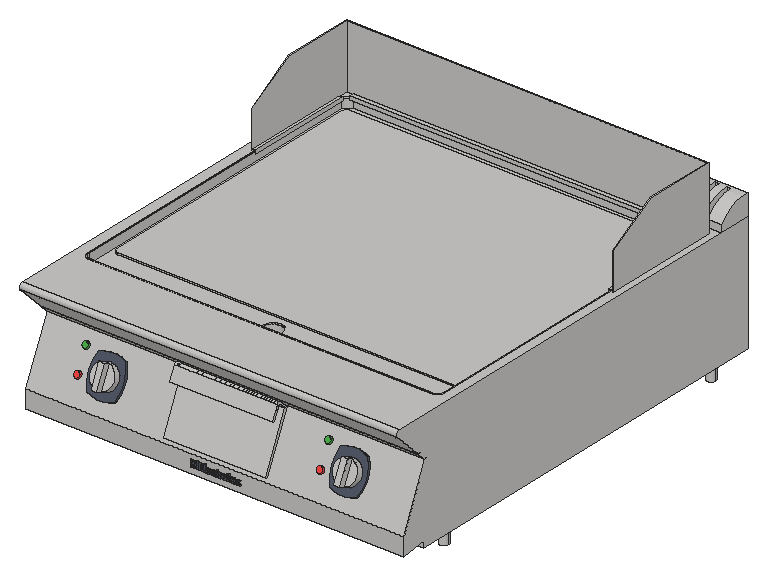
Revit family "QF_ELECTROLUXPROFESSIONAL_391399_E9IINIAOMEA", category Specialty Equipment, Revit 2018 (continued)
Automatic sketch dimensions
  Extrusion 31 sketch curve to Extrusion 31 sketch curve = 2.186 mm
  Extrusion 31 sketch curve to Extrusion 31 sketch curve = 0.337 mm
  Extrusion 31 sketch curve to Extrusion 31 sketch curve = 0.021 mm
  Extrusion 31 sketch curve to Extrusion 31 sketch curve = 1.005 mm
  Extrusion 31 sketch curve to Extrusion 31 sketch curve = 0.552 mm
  Extrusion 31 sketch curve to Extrusion 31 sketch curve = 0.778 mm
  Extrusion 31 sketch curve to Extrusion 31 sketch curve = 0.063 mm
  Extrusion 31 sketch curve to Extrusion 31 sketch curve = 1.023 mm
  Extrusion 31 sketch curve to Extrusion 31 sketch curve = 3.804 mm
  Extrusion 31 sketch curve to Extrusion 31 sketch curve = 0.486 mm
  Extrusion 31 sketch curve to Extrusion 31 sketch curve = 0.266 mm  (x2)
  plane 7 "Center Y" to Extrusion 31 sketch curve = 0.215 mm
  Extrusion 31 sketch curve to Extrusion 31 sketch curve = 1.547 mm
  Extrusion 31 sketch curve to Extrusion 31 sketch curve = 0.717 mm  (x2)
  Extrusion 31 sketch curve to Extrusion 31 sketch curve = 1.667 mm
  Extrusion 31 sketch curve to Extrusion 31 sketch curve = 3.174 mm
  Extrusion 31 sketch curve to Extrusion 31 sketch curve = 0.388 mm
  Extrusion 31 sketch curve to Extrusion 31 sketch curve = 1.342 mm
  Extrusion 31 sketch curve to Extrusion 31 sketch curve = 1.521 mm
  Extrusion 31 sketch curve to Extrusion 31 sketch curve = 0.124 mm
  Extrusion 31 sketch curve to Extrusion 31 sketch curve = 0.291 mm
  plane 7 "Center Y" to Extrusion 31 sketch curve = 8.287 mm
  Extrusion 31 sketch curve to Extrusion 31 sketch curve = 1.049 mm  (x2)
  Extrusion 31 sketch curve to Extrusion 31 sketch curve = 1.7 mm
  Extrusion 31 sketch curve to Extrusion 31 sketch curve = 0.894 mm
  Extrusion 31 sketch curve to plane 7 "Center Y" = 1.448 mm
  Extrusion 31 sketch curve to Extrusion 31 sketch curve = 0.989 mm
  Extrusion 31 sketch curve to Extrusion 31 sketch curve = 1.168 mm
  Extrusion 31 sketch curve to Extrusion 31 sketch curve = 1.594 mm
  Extrusion 31 sketch curve to Extrusion 31 sketch curve = 0.731 mm
  Extrusion 31 sketch curve to Extrusion 31 sketch curve = 1.566 mm
  Extrusion 31 sketch curve to Extrusion 31 sketch curve = 0.064 mm
  plane 7 "Center Y" to Extrusion 31 sketch curve = 8.843 mm
  Extrusion 31 sketch curve to Extrusion 31 sketch curve = 0.556 mm  (x2)
  Extrusion 31 sketch curve to Extrusion 31 sketch curve = 0.48 mm
  Extrusion 31 sketch curve to Extrusion 31 sketch curve = 1.018 mm
  Extrusion 31 sketch curve to Extrusion 31 sketch curve = 0.787 mm
  Extrusion 31 sketch curve to Extrusion 31 sketch curve = 0.618 mm
  Extrusion 31 sketch curve to Extrusion 31 sketch curve = 1.672 mm
  Extrusion 31 sketch curve to Extrusion 31 sketch curve = 1.361 mm
  Extrusion 31 sketch curve to Extrusion 31 sketch curve = 0.822 mm
  Extrusion 31 sketch curve to Extrusion 31 sketch curve = 0.069 mm
  Extrusion 31 sketch curve to Extrusion 31 sketch curve = 1.88 mm
  Extrusion 31 sketch curve to Extrusion 31 sketch curve = 0.42 mm
  Extrusion 31 sketch curve to Extrusion 31 sketch curve = 0.062 mm
  Extrusion 31 sketch curve to Extrusion 31 sketch curve = 1.355 mm
  Extrusion 31 sketch curve to Extrusion 31 sketch curve = 2.34 mm
  Extrusion 31 sketch curve to Extrusion 31 sketch curve = 0.493 mm
  Extrusion 31 sketch curve to Extrusion 31 sketch curve = 0.136 mm
  Extrusion 31 sketch curve to Extrusion 31 sketch curve = 0.128 mm
  Extrusion 31 sketch curve to Extrusion 31 sketch curve = 3.616 mm
  Extrusion 31 sketch curve to Extrusion 31 sketch curve = 4.207 mm
  Extrusion 31 sketch curve to Extrusion 31 sketch curve = 0.183 mm
  Extrusion 31 sketch curve to Extrusion 31 sketch curve = 0.895 mm
  Extrusion 31 sketch curve to Extrusion 31 sketch curve = 1.314 mm
  Extrusion 31 sketch curve to Extrusion 31 sketch curve = 3.231 mm
  Extrusion 31 sketch curve to Extrusion 31 sketch curve = 1.299 mm
  Extrusion 31 sketch curve to Extrusion 31 sketch curve = 1.214 mm
  Extrusion 31 sketch curve to Extrusion 31 sketch curve = 1.264 mm
  Extrusion 31 sketch curve to Extrusion 31 sketch curve = 0.109 mm
  Extrusion 31 sketch curve to Extrusion 31 sketch curve = 0.357 mm
  Extrusion 31 sketch curve to Extrusion 31 sketch curve = 0.565 mm
  Extrusion 31 sketch curve to Extrusion 31 sketch curve = 2.504 mm
  Extrusion 31 sketch curve to Extrusion 31 sketch curve = 2.459 mm
  Extrusion 31 sketch curve to Extrusion 31 sketch curve = 1.322 mm
  Extrusion 31 sketch curve to Extrusion 31 sketch curve = 2.77 mm
  Extrusion 31 sketch curve to Extrusion 31 sketch curve = 2.51 mm
  Extrusion 31 sketch curve to Extrusion 31 sketch curve = 0.187 mm
  Extrusion 31 sketch curve to Extrusion 31 sketch curve = 2.559 mm
  Extrusion 31 sketch curve to Extrusion 31 sketch curve = 1.556 mm
  Extrusion 31 sketch curve to Extrusion 31 sketch curve = 0.222 mm
  Extrusion 31 sketch curve to Extrusion 31 sketch curve = 1.383 mm
  Extrusion 31 sketch curve to Extrusion 31 sketch curve = 3.114 mm
  Extrusion 31 sketch curve to Extrusion 31 sketch curve = 3.376 mm
  Extrusion 31 sketch curve to Extrusion 31 sketch curve = 0.934 mm
  Extrusion 31 sketch curve to Extrusion 31 sketch curve = 0.191 mm
  Extrusion 31 sketch curve to Extrusion 31 sketch curve = 3.696 mm
  Extrusion 31 sketch curve to Extrusion 31 sketch curve = 2.708 mm
  Extrusion 31 sketch curve to Extrusion 31 sketch curve = 3.333 mm
  Extrusion 31 sketch curve to Extrusion 31 sketch curve = 0.332 mm
  Extrusion 31 sketch curve to Extrusion 31 sketch curve = 1.087 mm
  Extrusion 31 sketch curve to Extrusion 31 sketch curve = 2.23 mm
  Extrusion 31 sketch curve to Extrusion 31 sketch curve = 2.757 mm
  Extrusion 31 sketch curve to Extrusion 31 sketch curve = 0.987 mm
  Extrusion 31 sketch curve to Extrusion 31 sketch curve = 1.529 mm
  Extrusion 31 sketch curve to Extrusion 31 sketch curve = 1.796 mm
  Extrusion 31 sketch curve to Extrusion 31 sketch curve = 2.859 mm
  Extrusion 31 sketch curve to Extrusion 31 sketch curve = 0.853 mm
  Extrusion 31 sketch curve to Extrusion 31 sketch curve = 1.241 mm
  Extrusion 31 sketch curve to Extrusion 31 sketch curve = 2.046 mm  (x2)
  Extrusion 31 sketch curve to Extrusion 31 sketch curve = 2.422 mm
  Extrusion 31 sketch curve to Extrusion 31 sketch curve = 0.27 mm  (x2)
  Extrusion 31 sketch curve to Extrusion 31 sketch curve = 0.69 mm
  Extrusion 31 sketch curve to Extrusion 31 sketch curve = 0.781 mm  (x2)
  Extrusion 31 sketch curve to Extrusion 31 sketch curve = 3.136 mm
  Extrusion 31 sketch curve to Extrusion 31 sketch curve = 1.767 mm
  Extrusion 31 sketch curve to Extrusion 31 sketch curve = 0.138 mm
  Extrusion 31 sketch curve to Extrusion 31 sketch curve = 0.777 mm
  Extrusion 31 sketch curve to Extrusion 31 sketch curve = 1.19 mm
  Extrusion 31 sketch curve to Extrusion 31 sketch curve = 0.782 mm
  Extrusion 31 sketch curve to Extrusion 31 sketch curve = 1.268 mm
  Extrusion 31 sketch curve to Extrusion 31 sketch curve = 0.422 mm  (x2)
  Extrusion 31 sketch curve to Extrusion 31 sketch curve = 1.559 mm
  Extrusion 31 sketch curve to Extrusion 31 sketch curve = 3.927 mm
  Extrusion 31 sketch curve to Extrusion 31 sketch curve = 0.983 mm
  Extrusion 31 sketch curve to Extrusion 31 sketch curve = 1.134 mm
  Extrusion 31 sketch curve to Extrusion 31 sketch curve = 0.094 mm
  Extrusion 31 sketch curve to Extrusion 31 sketch curve = 1.584 mm
  Extrusion 31 sketch curve to Extrusion 31 sketch curve = 0.916 mm
  Extrusion 31 sketch curve to Extrusion 31 sketch curve = 0.352 mm
  Extrusion 31 sketch curve to Extrusion 31 sketch curve = 0.458 mm
  Extrusion 31 sketch curve to Extrusion 31 sketch curve = 1.282 mm
  Extrusion 31 sketch curve to Extrusion 31 sketch curve = 0.685 mm
  Extrusion 31 sketch curve to Extrusion 31 sketch curve = 0.905 mm
  Extrusion 31 sketch curve to Extrusion 31 sketch curve = 2.865 mm
  Extrusion 31 sketch curve to Extrusion 31 sketch curve = 0.472 mm
  Extrusion 31 sketch curve to Extrusion 31 sketch curve = 0.101 mm
  Extrusion 31 sketch curve to Extrusion 31 sketch curve = 0.54 mm
  Extrusion 31 sketch curve to Extrusion 31 sketch curve = 0.02 mm
  Extrusion 31 sketch curve to Extrusion 31 sketch curve = 0.468 mm
  Extrusion 31 sketch curve to Extrusion 31 sketch curve = 0.829 mm
  Extrusion 31 sketch curve to Extrusion 31 sketch curve = 0.582 mm
  Extrusion 31 sketch curve to Extrusion 31 sketch curve = 0.166 mm
  Extrusion 31 sketch curve to Extrusion 31 sketch curve = 0.16 mm
  Extrusion 31 sketch curve to Extrusion 31 sketch curve = 2.781 mm
  Extrusion 31 sketch curve to Extrusion 31 sketch curve = 1.118 mm
  Extrusion 31 sketch curve to Extrusion 31 sketch curve = 0.613 mm
  Extrusion 31 sketch curve to Extrusion 31 sketch curve = 0.361 mm
  Extrusion 31 sketch curve to Extrusion 31 sketch curve = 0.897 mm
  Extrusion 31 sketch curve to Extrusion 31 sketch curve = 0.167 mm
  Extrusion 31 sketch curve to Extrusion 31 sketch curve = 0.292 mm
  Extrusion 31 sketch curve to Extrusion 31 sketch curve = 0.305 mm
  Extrusion 31 sketch curve to Extrusion 31 sketch curve = 1.557 mm
  Extrusion 31 sketch curve to Extrusion 31 sketch curve = 2.499 mm
  Extrusion 31 sketch curve to Extrusion 31 sketch curve = 3.062 mm
  Extrusion 31 sketch curve to Extrusion 31 sketch curve = 2.968 mm
  Extrusion 31 sketch curve to Extrusion 31 sketch curve = 5.044 mm
  Extrusion 31 sketch curve to Extrusion 31 sketch curve = 0.629 mm  (x2)
  Extrusion 31 sketch curve to Extrusion 31 sketch curve = 1.131 mm
  Extrusion 31 sketch curve to Extrusion 31 sketch curve = 0.137 mm
  Extrusion 31 sketch curve to Extrusion 31 sketch curve = 0.027 mm
  Extrusion 31 sketch curve to Extrusion 31 sketch curve = 2.235 mm
  curve 12 to curve 94 = 0 mm  (x2)
  plane 5 "FRONT" to curve 3 = 0 mm
  curve 4 to plane 3 "LEFT" = 0 mm
  curve 154 to plane 9 = 0 mm
  curve 93 to plane 7 "Center Y" = 0 mm
  plane 5 "FRONT" to curve 155 = 0 mm
  plane 1 "BACK" to curve 6 = 0 mm
  curve 6 to plane 4 "RIGHT" = 0 mm
  plane 5 "FRONT" to curve 1 = 0 mm
  curve 3 to curve 4 = 100 mm
  plane 13 to curve 24 = 4.442 mm
  plane 13 to curve 10 = 11.03 mm
  curve 34 to curve 11 = 6.721 mm
  curve 10 to curve 31 = 3.484 mm
  plane 1 "BACK" to curve 37 = 6.761 mm
  plane 13 to curve 37 = 18.703 mm
  curve 30 to curve 27 = 6.516 mm
  curve 30 to curve 17 = 6.516 mm
  curve 9 to curve 9 = 15 mm
  curve 17 to curve 11 = 5 mm
  curve 37 to curve 38 = 9.296 mm
  curve 11 to curve 18 = 5 mm
  curve 16 to curve 16 = 10 mm
  plane 1 "BACK" to curve 39 = 6.761 mm
  curve 35 to curve 39 = 16.193 mm
  curve 39 to curve 42 = 9.296 mm
  plane 1 "BACK" to curve 46 = 6.761 mm
  curve 40 to curve 46 = 16.193 mm
  curve 45 to curve 43 = 9.296 mm
  curve 43 to curve 48 = 16.193 mm
  curve 49 to curve 47 = 9.296 mm
  plane 1 "BACK" to curve 54 = 6.761 mm
  curve 47 to curve 54 = 16.193 mm
  curve 53 to curve 51 = 9.296 mm
  curve 51 to curve 56 = 16.193 mm
  curve 57 to curve 55 = 9.296 mm
  curve 55 to curve 60 = 16.193 mm
  curve 60 to curve 59 = 9.296 mm
  curve 59 to curve 63 = 16.193 mm
  curve 63 to curve 66 = 9.296 mm
  plane 1 "BACK" to curve 88 = 6.761 mm
  curve 64 to curve 88 = 16.143 mm
  curve 88 to curve 91 = 9.296 mm
  curve 89 to curve 85 = 16.193 mm
  curve 84 to curve 86 = 9.296 mm
  curve 85 to curve 80 = 16.193 mm
  curve 154 to plane 7 "Center Y" = 108.514 mm
  curve 80 to curve 82 = 9.296 mm
  plane 1 "BACK" to curve 76 = 6.761 mm
  curve 82 to curve 76 = 16.193 mm
  curve 76 to curve 78 = 9.296 mm
  curve 77 to curve 75 = 16.193 mm
  curve 74 to curve 75 = 9.296 mm
  plane 1 "BACK" to curve 68 = 6.761 mm
  curve 72 to curve 68 = 16.193 mm
  curve 68 to curve 71 = 9.296 mm
  curve 92 to plane 7 "Center Y" = 20 mm
  plane 1 "BACK" to curve 132 = 6.761 mm
  plane 7 "Center Y" to curve 132 = 29.703 mm
  curve 130 to curve 129 = 9.296 mm
  plane 1 "BACK" to curve 133 = 6.761 mm
  curve 129 to curve 133 = 16.193 mm
  curve 133 to curve 134 = 9.296 mm
  curve 135 to curve 139 = 16.193 mm
  curve 138 to curve 137 = 9.296 mm
  plane 1 "BACK" to curve 143 = 6.761 mm
  curve 137 to curve 143 = 16.193 mm
  plane 7 "Center Y" to curve 154 = 108.514 mm
  curve 142 to curve 142 = 9.296 mm
  curve 141 to curve 146 = 16.193 mm
  curve 147 to curve 145 = 9.296 mm
  curve 145 to curve 151 = 16.193 mm
  curve 151 to curve 152 = 9.296 mm
  curve 149 to curve 128 = 16.143 mm
  curve 127 to curve 128 = 9.296 mm
  plane 1 "BACK" to curve 121 = 6.761 mm
  curve 125 to curve 121 = 16.193 mm
  curve 121 to curve 124 = 9.296 mm
  plane 1 "BACK" to curve 117 = 6.761 mm
  curve 123 to curve 117 = 16.193 mm
  curve 117 to curve 118 = 9.296 mm
  plane 1 "BACK" to curve 116 = 6.761 mm
  curve 119 to curve 116 = 16.193 mm
  curve 113 to curve 114 = 9.296 mm
  plane 1 "BACK" to curve 112 = 6.761 mm
  curve 115 to curve 112 = 16.193 mm
  curve 109 to curve 111 = 9.296 mm
  plane 1 "BACK" to curve 108 = 6.761 mm
  curve 111 to curve 108 = 16.193 mm
  curve 105 to curve 107 = 9.296 mm
  plane 1 "BACK" to curve 103 = 6.761 mm
  curve 107 to curve 103 = 16.193 mm
  curve 103 to curve 104 = 9.296 mm
  plane 14 to curve 95 = 31.03 mm
  plane 14 to curve 22 = 31.03 mm
  curve 101 to curve 98 = 16.193 mm
  curve 95 to curve 12 = 5 mm
  plane 14 to curve 8 = 26.03 mm
  curve 12 to curve 96 = 5 mm
  curve 12 to curve 20 = 5 mm
  curve 97 to curve 99 = 9.296 mm
  curve 12 to curve 32 = 11.516 mm
  curve 29 to curve 12 = 3.351 mm
  curve 94 to curve 12 = 0 mm
  curve 32 to curve 13 = 3.484 mm
  plane 14 to curve 29 = 4.442 mm
  curve 1 to plane 4 "RIGHT" = 100 mm
  curve 9 to plane 5 "FRONT" = 137.461 mm
  curve 93 to plane 5 "FRONT" = 171.264 mm
  curve 14 to curve 15 = 55 mm
  plane 8 "Center X" to curve 33 = 129.61 mm
  plane 8 "Center X" to curve 10 = 129.61 mm
  curve 20 to curve 101 = 108.645 mm
  curve 11 to curve 18 = 2.133 mm
  curve 94 to curve 95 = 2.133 mm
  curve 21 to curve 94 = 9.865 mm
  curve 17 to curve 11 = 9.865 mm
  curve 28 to curve 11 = 2.318 mm
  curve 12 to curve 67 = 10.007 mm
  curve 28 to curve 42 = 19.479 mm
  curve 142 to curve 143 = 57.15 mm
  curve 41 to curve 43 = 0 mm
  curve 139 to curve 142 = 0 mm
  curve 43 to curve 47 = 0 mm
  curve 141 to curve 150 = 0 mm
  curve 136 to curve 138 = 0 mm
  curve 47 to curve 51 = 0 mm
  curve 131 to curve 133 = 0 mm
  curve 51 to curve 55 = 0 mm
  curve 149 to curve 128 = 0 mm
  curve 55 to curve 59 = 0 mm
  curve 125 to curve 123 = 0 mm
  curve 59 to curve 63 = 0 mm
  curve 28 to curve 37 = 19.479 mm
  curve 122 to curve 118 = 0 mm
  curve 68 to curve 68 = 57.15 mm
  curve 118 to curve 115 = 0 mm
  curve 72 to curve 68 = 0 mm
  curve 114 to curve 111 = 0 mm
  curve 76 to curve 74 = 0 mm
  curve 110 to curve 107 = 0 mm
  curve 81 to curve 76 = 0 mm
  curve 106 to curve 104 = 0 mm
  curve 84 to curve 80 = 0 mm
  curve 26 to curve 99 = 19.479 mm
  curve 65 to curve 88 = 0 mm
  curve 145 to curve 150 = 0 mm
  plane 1 "BACK" to curve 97 = 6.761 mm
  plane 1 "BACK" to curve 87 = 6.761 mm
  plane 1 "BACK" to curve 83 = 6.761 mm
  plane 1 "BACK" to curve 152 = 6.761 mm
  plane 1 "BACK" to curve 74 = 6.761 mm
  plane 1 "BACK" to curve 65 = 6.761 mm
  plane 1 "BACK" to curve 62 = 6.761 mm
  plane 1 "BACK" to curve 125 = 6.761 mm
  plane 1 "BACK" to curve 58 = 6.761 mm
  plane 1 "BACK" to curve 50 = 6.761 mm
  plane 1 "BACK" to curve 137 = 6.761 mm
  plane 1 "BACK" to curve 145 = 6.761 mm
  curve 2 to plane 1 "BACK" = 100 mm
  radius of Extrusion 2 sketch curve = 9.525 mm  (x4)
  radius of Extrusion 8 sketch curve = 6.35 mm
  radius of Extrusion 13 sketch curve = 20 mm
  radius of Extrusion 17 sketch curve = 25.4 mm
  radius of Extrusion 18 sketch curve to Extrusion 17 = 0 mm  (x2)
  radius of Extrusion 19 sketch curve = 6.35 mm
  radius of Extrusion 20 sketch curve = 6.35 mm
  radius of Extrusion 23 sketch curve = 25.4 mm
  radius of Extrusion 24 sketch curve to Extrusion 23 = 0 mm  (x2)
  radius of Extrusion 25 sketch curve = 6.35 mm
  radius of Extrusion 26 sketch curve = 6.35 mm
Connectors
  electrical at (740, -584, 19), driven by "Volts", driven by "Watts"
    settings: on Extrusion 8, index 1, voltage 230 V, apparent load 15000 VA, apparent load phase1 0 VA, apparent load phase2 0 VA, apparent load phase3 0 VA, power factor 1, load classification "Other", number of poles 1, system type 30, power factor state 1, is connector primary yes, connector utility no, sub classification motor no, connector description "ELECTRICAL CONNECTION"
